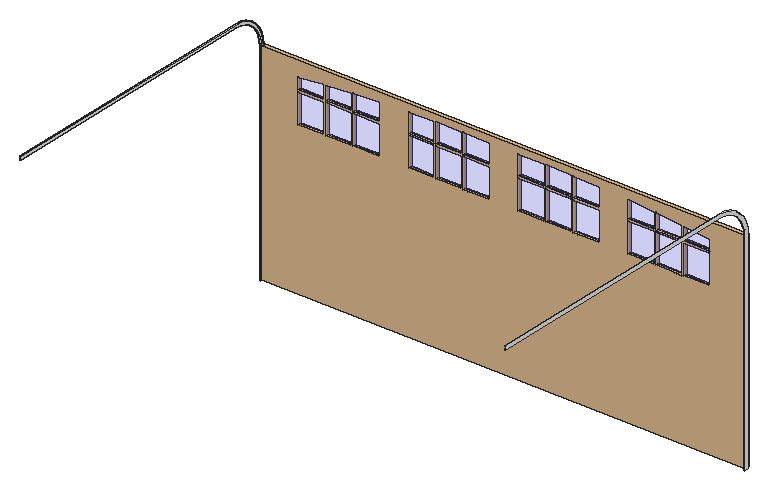
Revit family
Parameters (values of type "7Ft H x 16Ft W")
  Track Width = Width + 0' 2"  # 16' - 2"
  Track Height = Height + 1' 0"  # 8' - 0"
  Track Depth = 10' - 0"
  Track = Metal
  SmartBIM Object Version = 1  # constant formula
  SmartBIM Object Created By = "Reed Construction Data"  # constant formula
  Rough Width = 0' - 0"
  Rough Height = 0' - 0"
  Panel Thickness = 0' - 1 1/2"
  Manufacturer = ""
  Height = 7' - 0"
  Wall Closure = (empty or 0)
  Width = 16' - 0"
  Door Glass = Glass
  Door = Wood
  95 CSI = "08360"  # constant formula
  04 CSI = "08 36 13"  # constant formula
Reference planes (in)
  plane 1 "Center (Front/Back)": y = 0
  plane 2 "Center (Left/Right)": x = 0
  plane 3 "Left": x = -96
  plane 4 "Right": x = 96
  plane 5 "Top": z = 84
  plane 6: x = -97
  plane 7: x = 97
  plane 8: y = -3.25
  plane 9: z = 60.75
  plane 10: z = 30.375
  plane 11: z = 81
  plane 12: y = -2.5
  plane 13: y = -2.5
  plane 14 "Ext": y = -3.25
  plane 15: y = -2.5
  plane 16 "Int": y = -1.75
  plane 17: z = 77
  plane 18: x = 94
  plane 19: x = -94
  plane 20: x = 82.94118
  plane 21: x = 60.82353
  plane 22: x = 27.64706
  plane 23: x = 71.88235
  plane 24: x = 38.70588
  plane 25: x = 5.52941
  plane 26: x = 49.76471
  plane 27: x = 16.58824
  plane 28: z = 73
  plane 29: x = 82.69118
  plane 30: x = 71.63235
  plane 31: x = 60.57353
  plane 32: x = 37.75
  plane 33: x = 38.45588
  plane 34: x = 27.39706
  plane 35: x = 16.33824
  plane 36: x = -5.52941
  plane 37: x = -82.94118
  plane 38: x = -60.82353
  plane 39: x = -27.64706
  plane 40: x = -71.88235
  plane 41: x = -38.70588
  plane 42: x = -49.76471
  plane 43: x = -16.58824
  plane 44: x = -16.83824
  plane 45: x = -27.89706
  plane 46: x = -38.95588
  plane 47: x = -61.07353
  plane 48: x = -72.13235
  plane 49: x = -83.19118
  plane 50: z = 72.75
  plane 51: z = 58.75
  plane 52: z = 31.375
  plane 53: z = 29.375
  plane 54: z = 1
  plane 55: y = -3
  plane 56: x = -47
  plane 57: x = 47
  plane 58: y = -2.5
Forms (in)
  Extrusion 1, solid, material "Wood" <- "Door"
    sketch origin (0, 0, 0) x (1, 0, 0) y (0, 0, 1)
      loop
        line (-97, 84) -> (-97, 0) -> (97, 0) -> (97, 84) -> (-97, 84)
      loop
        line (82.94118, 60.75) -> (82.94118, 77.69564)
        arc (82.94118, 77.69564) -> (66.37311, 79.34885) -> (49.76471, 80.52979) r 584.90259
        line (49.76471, 80.52979) -> (49.76471, 60.75) -> (82.94118, 60.75)
      loop
        arc (38.70588, 81.04577) -> (22.11987, 81.43795) -> (5.52941, 81.35955) r 584.89524
        line (5.52941, 81.35955) -> (5.52941, 60.75) -> (38.70588, 60.75) -> (38.70588, 81.04577)
      loop
        line (-38.70588, 81.14283) -> (-38.70588, 60.75) -> (-5.52941, 60.75) -> (-5.52941, 81.29293)
        arc (-5.52941, 81.29293) -> (-22.11871, 81.45316) -> (-38.70588, 81.14283) r 584.89028
      loop
        line (-82.94118, 60.75) -> (-49.76471, 60.75) -> (-49.76471, 80.67419)
        arc (-49.76471, 80.67419) -> (-66.37193, 79.57581) -> (-82.94118, 78.00534) r 584.89028
        line (-82.94118, 78.00534) -> (-82.94118, 60.75)
    from 1.75 to 3.25
  Extrusion 2, solid, material "Wood" <- "Door"
    sketch origin (0, 0, 0) x (1, 0, 0) y (0, 0, 1)
      loop
        line (82.69118, 77.72413) -> (82.69118, 60.75) -> (83.19118, 60.75) -> (83.19118, 77.66704)
        arc (83.19118, 77.66704) -> (82.94118, 77.69564) -> (82.69118, 77.72413) r 584.90259
      loop
        arc (72.13235, 78.82816) -> (71.88236, 78.85196) -> (71.63235, 78.87565) r 584.90259
        line (71.63235, 78.87565) -> (71.63235, 60.75) -> (72.13235, 60.75) -> (72.13235, 78.82816)
      loop
        line (60.57353, 79.81524) -> (60.57353, 60.75) -> (61.07353, 60.75) -> (61.07353, 79.77732)
        arc (61.07353, 79.77732) -> (60.82353, 79.79633) -> (60.57353, 79.81524) r 584.90259
      loop
        arc (38.95588, 81.12829) -> (38.70588, 81.1378) -> (38.45588, 81.14721) r 584.9872
        line (38.45588, 81.14721) -> (38.45588, 60.75) -> (38.95588, 60.75) -> (38.95588, 81.12829)
      loop
        arc (27.89706, 81.54118) -> (27.64706, 81.54596) -> (27.39706, 81.55063) r 585.08162
        line (27.39706, 81.55063) -> (27.39706, 60.75) -> (27.89706, 60.75) -> (27.89706, 81.54118)
      loop
        line (16.33824, 81.68266) -> (16.33824, 60.75) -> (16.83824, 60.75) -> (16.83824, 81.68266)
        arc (16.83824, 81.68266) -> (16.58824, 81.68272) -> (16.33824, 81.68266) r 585.11385
      loop
        arc (-16.33824, 81.48703) -> (-16.58824, 81.48836) -> (-16.83824, 81.48959) r 584.92719
        line (-16.83824, 81.48959) -> (-16.83824, 60.75) -> (-16.33824, 60.75) -> (-16.33824, 81.48703)
      loop
        arc (-27.39706, 81.41919) -> (-27.64706, 81.4158) -> (-27.89706, 81.4123) r 584.90245
        line (-27.89706, 81.4123) -> (-27.89706, 60.75) -> (-27.39706, 60.75) -> (-27.39706, 81.41919)
      loop
        line (-38.70588, 81.14283) -> (-38.70588, 60.75) -> (-38.20588, 60.75) -> (-38.20588, 81.15907)
        arc (-38.20588, 81.15907) -> (-38.45588, 81.151) -> (-38.70588, 81.14283) r 584.89028
      loop
        arc (-60.57353, 80.01325) -> (-60.82353, 79.99559) -> (-61.07353, 79.97782) r 584.89028
        line (-61.07353, 79.97782) -> (-61.07353, 60.75) -> (-60.57353, 60.75) -> (-60.57353, 80.01325)
      loop
        arc (-71.63235, 79.12873) -> (-71.88236, 79.10629) -> (-72.13235, 79.08375) r 584.89028
        line (-72.13235, 79.08375) -> (-72.13235, 60.75) -> (-71.63235, 60.75) -> (-71.63235, 79.12873)
      loop
        arc (-82.69118, 78.03258) -> (-82.94118, 78.00534) -> (-83.19118, 77.978) r 584.89028
        line (-83.19118, 77.978) -> (-83.19118, 60.75) -> (-82.69118, 60.75) -> (-82.69118, 78.03258)
    from 1.75 to 3.25
  Extrusion 3, solid, material "Wood" <- "Door"
    sketch origin (0, 0, 0.25) x (1, 0, 0) y (0, 0, 1)
      loop
        line (82.94118, 73) -> (49.76471, 73) -> (49.76471, 72.5) -> (82.94118, 72.5) -> (82.94118, 73)
      loop
        line (38.70588, 73) -> (5.52941, 73) -> (5.52941, 72.5) -> (38.70588, 72.5) -> (38.70588, 73)
      loop
        line (-5.52941, 73) -> (-38.70588, 73) -> (-38.70588, 72.5) -> (-5.52941, 72.5) -> (-5.52941, 73)
      loop
        line (-49.76471, 73) -> (-82.94118, 73) -> (-82.94118, 72.5) -> (-49.76471, 72.5) -> (-49.76471, 73)
    from 1.75 to 3.25
  Extrusion 4, solid, material "Glass"
    sketch origin (0, -1.75, 0) x (1, 0, 0) y (0, 0, 1)
      loop
        line (72.13235, 60.75) -> (82.69118, 60.75) -> (82.69118, 72.75) -> (72.13235, 72.75) -> (72.13235, 60.75)
      loop
        line (82.69118, 73.25) -> (82.69118, 77.72413)
        arc (82.69118, 77.72413) -> (77.41427, 78.3001) -> (72.13235, 78.82816) r 584.90259
        line (72.13235, 78.82816) -> (72.13235, 73.25) -> (82.69118, 73.25)
      loop
        line (49.76471, 80.52979) -> (49.76471, 73.25) -> (60.57353, 73.25) -> (60.57353, 79.81524)
        arc (60.57353, 79.81524) -> (55.17077, 80.19754) -> (49.76471, 80.52979) r 584.90259
      loop
        arc (71.63235, 78.87565) -> (66.35498, 79.3504) -> (61.07353, 79.77732) r 584.90259
        line (61.07353, 79.77732) -> (61.07353, 73.25) -> (71.63235, 73.25) -> (71.63235, 78.87565)
      loop
        line (61.07353, 60.75) -> (71.63235, 60.75) -> (71.63235, 72.75) -> (61.07353, 72.75) -> (61.07353, 60.75)
      loop
        line (49.76471, 72.75) -> (49.76471, 60.75) -> (60.57353, 60.75) -> (60.57353, 72.75) -> (49.76471, 72.75)
      loop
        line (27.39706, 72.75) -> (16.83824, 72.75) -> (16.83824, 60.75) -> (27.39706, 60.75) -> (27.39706, 72.75)
      loop
        line (16.33824, 60.75) -> (16.33824, 72.75) -> (5.52941, 72.75) -> (5.52941, 60.75) -> (16.33824, 60.75)
      loop
        line (5.52941, 73.25) -> (16.33824, 73.25) -> (16.33824, 81.46406)
        arc (16.33824, 81.46406) -> (10.93358, 81.43677) -> (5.52941, 81.35955) r 584.89524
        line (5.52941, 81.35955) -> (5.52941, 73.25)
      loop
        line (16.83824, 81.46406) -> (16.83824, 73.25) -> (27.39706, 73.25) -> (27.39706, 81.36423)
        arc (27.39706, 81.36423) -> (22.11787, 81.43797) -> (16.83824, 81.46406) r 584.89524
      loop
        line (27.89706, 81.35477) -> (27.89706, 73.25) -> (38.45588, 73.25) -> (38.45588, 81.05518)
        arc (38.45588, 81.05518) -> (33.17715, 81.22881) -> (27.89706, 81.35477) r 584.89524
      loop
        line (38.45588, 60.75) -> (38.45588, 72.75) -> (27.89706, 72.75) -> (27.89706, 60.75) -> (38.45588, 60.75)
      loop
        line (-16.33824, 73.25) -> (-5.52941, 73.25) -> (-5.52941, 81.29293)
        arc (-5.52941, 81.29293) -> (-10.93346, 81.39681) -> (-16.33824, 81.45075) r 584.89028
        line (-16.33824, 81.45075) -> (-16.33824, 73.25)
      loop
        line (-5.52941, 72.75) -> (-16.33824, 72.75) -> (-16.33824, 60.75) -> (-5.52941, 60.75) -> (-5.52941, 72.75)
      loop
        line (-16.83824, 60.75) -> (-16.83824, 72.75) -> (-27.39706, 72.75) -> (-27.39706, 60.75) -> (-16.83824, 60.75)
      loop
        line (-27.89706, 60.75) -> (-27.89706, 72.75) -> (-38.20588, 72.75) -> (-38.20588, 60.75) -> (-27.89706, 60.75)
      loop
        line (-38.20588, 81.15907) -> (-38.20588, 73.25) -> (-27.89706, 73.25) -> (-27.89706, 81.39847)
        arc (-27.89706, 81.39847) -> (-33.052, 81.30149) -> (-38.20588, 81.15907) r 584.89028
      loop
        line (-27.39706, 81.40546) -> (-27.39706, 73.25) -> (-16.83824, 73.25) -> (-16.83824, 81.45322)
        arc (-16.83824, 81.45322) -> (-22.11775, 81.45317) -> (-27.39706, 81.40546) r 584.89028
      loop
        line (-60.57353, 73.25) -> (-49.76471, 73.25) -> (-49.76471, 80.67419)
        arc (-49.76471, 80.67419) -> (-55.17065, 80.36874) -> (-60.57353, 80.01325) r 584.89028
        line (-60.57353, 80.01325) -> (-60.57353, 73.25)
      loop
        line (-49.76471, 72.75) -> (-60.57353, 72.75) -> (-60.57353, 60.75) -> (-49.76471, 60.75) -> (-49.76471, 72.75)
      loop
        line (-61.07353, 60.75) -> (-61.07353, 72.75) -> (-71.63235, 72.75) -> (-71.63235, 60.75) -> (-61.07353, 60.75)
      loop
        line (-72.13235, 60.75) -> (-72.13235, 72.75) -> (-82.69118, 72.75) -> (-82.69118, 60.75) -> (-72.13235, 60.75)
      loop
        line (-82.69118, 78.03258) -> (-82.69118, 73.25) -> (-72.13235, 73.25) -> (-72.13235, 79.08375)
        arc (-72.13235, 79.08375) -> (-77.41415, 78.58211) -> (-82.69118, 78.03258) r 584.89028
      loop
        line (-71.63235, 79.12873) -> (-71.63235, 73.25) -> (-61.07353, 73.25) -> (-61.07353, 79.97782)
        arc (-61.07353, 79.97782) -> (-66.35486, 79.57718) -> (-71.63235, 79.12873) r 584.89028
    from 0.625 to 0.875
Cuts and joins
  joined: Extrusion 1, Extrusion 2, Extrusion 3
Lines and regions (in)
  Opening 1
    outline origin (-90, -1.75, 0) x (1, 0, 0) y (0, 0, 1)
      loop
        line (-6, 0) -> (186, 0) -> (186, 84) -> (-6, 84) -> (-6, 0)
  model lines
    curve 1: line (83.19118, -3.25, 31.375) -> (83.19118, -3.25, 58.75)
    curve 2: line (61.07353, -3.25, 31.375) -> (71.63235, -3.25, 31.375)
    curve 3: line (61.07353, -3.25, 58.75) -> (61.07353, -3.25, 31.375)
    curve 4: line (71.63235, -3.25, 58.75) -> (61.07353, -3.25, 58.75)
    curve 5: line (71.63235, -3.25, 31.375) -> (71.63235, -3.25, 58.75)
    curve 6: line (72.13235, -3.25, 31.375) -> (82.69118, -3.25, 31.375)
    curve 7: line (72.13235, -3.25, 58.75) -> (72.13235, -3.25, 31.375)
    curve 8: line (82.69118, -3.25, 58.75) -> (72.13235, -3.25, 58.75)
    curve 9: line (82.69118, -3.25, 31.375) -> (82.69118, -3.25, 58.75)
    curve 10: line (5.52941, -3.25, 58.75) -> (16.33824, -3.25, 58.75)
    curve 11: line (5.52941, -3.25, 31.375) -> (5.52941, -3.25, 58.75)
    curve 12: line (16.33824, -3.25, 31.375) -> (5.52941, -3.25, 31.375)
    curve 13: line (16.33824, -3.25, 58.75) -> (16.33824, -3.25, 31.375)
    curve 14: line (16.83824, -3.25, 31.375) -> (27.39706, -3.25, 31.375)
    curve 15: line (16.83824, -3.25, 58.75) -> (16.83824, -3.25, 31.375)
    curve 16: line (27.39706, -3.25, 58.75) -> (16.83824, -3.25, 58.75)
    curve 17: line (27.39706, -3.25, 31.375) -> (27.39706, -3.25, 58.75)
    curve 18: line (27.89706, -3.25, 31.375) -> (38.45588, -3.25, 31.375)
    curve 19: line (27.89706, -3.25, 58.75) -> (27.89706, -3.25, 31.375)
    curve 20: line (38.45588, -3.25, 58.75) -> (27.89706, -3.25, 58.75)
    curve 21: line (38.45588, -3.25, 31.375) -> (38.45588, -3.25, 58.75)
    curve 22: line (38.95588, -3.25, 58.75) -> (38.95588, -3.25, 31.375)
    curve 23: line (49.76471, -3.25, 58.75) -> (60.57353, -3.25, 58.75)
    curve 24: line (49.76471, -3.25, 31.375) -> (49.76471, -3.25, 58.75)
    curve 25: line (60.57353, -3.25, 31.375) -> (49.76471, -3.25, 31.375)
    curve 26: line (60.57353, -3.25, 58.75) -> (60.57353, -3.25, 31.375)
    curve 27: line (82.19118, -3.25, 58.25) -> (72.63235, -3.25, 58.25)
    curve 28: line (72.63235, -3.25, 58.25) -> (72.63235, -3.25, 31.875)
    curve 29: line (72.63235, -3.25, 31.875) -> (82.19118, -3.25, 31.875)
    curve 30: line (82.19118, -3.25, 31.875) -> (82.19118, -3.25, 58.25)
    curve 31: line (26.89706, -3.25, 58.25) -> (17.33824, -3.25, 58.25)
    curve 32: line (17.33824, -3.25, 58.25) -> (17.33824, -3.25, 31.875)
    curve 33: line (17.33824, -3.25, 31.875) -> (26.89706, -3.25, 31.875)
    curve 34: line (26.89706, -3.25, 31.875) -> (26.89706, -3.25, 58.25)
    curve 35: line (37.95588, -3.25, 58.25) -> (28.39706, -3.25, 58.25)
    curve 36: line (28.39706, -3.25, 58.25) -> (28.39706, -3.25, 31.875)
    curve 37: line (28.39706, -3.25, 31.875) -> (37.95588, -3.25, 31.875)
    curve 38: line (37.95588, -3.25, 31.875) -> (37.95588, -3.25, 58.25)
    curve 39: line (6.02941, -3.25, 58.25) -> (15.83824, -3.25, 58.25)
    curve 40: line (15.83824, -3.25, 58.25) -> (15.83824, -3.25, 31.875)
    curve 41: line (15.83824, -3.25, 31.875) -> (6.02941, -3.25, 31.875)
    curve 42: line (6.02941, -3.25, 31.875) -> (6.02941, -3.25, 58.25)
    curve 43: line (50.26471, -3.25, 58.25) -> (60.07353, -3.25, 58.25)
    curve 44: line (60.07353, -3.25, 58.25) -> (60.07353, -3.25, 31.875)
    curve 45: line (60.07353, -3.25, 31.875) -> (50.26471, -3.25, 31.875)
    curve 46: line (50.26471, -3.25, 31.875) -> (50.26471, -3.25, 58.25)
    curve 47: line (71.13235, -3.25, 58.25) -> (61.57353, -3.25, 58.25)
    curve 48: line (61.57353, -3.25, 58.25) -> (61.57353, -3.25, 31.875)
    curve 49: line (61.57353, -3.25, 31.875) -> (71.13235, -3.25, 31.875)
    curve 50: line (71.13235, -3.25, 31.875) -> (71.13235, -3.25, 58.25)
    curve 51: line (-72.13235, -3.25, 58.75) -> (-82.69118, -3.25, 58.75)
    curve 52: line (-72.13235, -3.25, 31.375) -> (-72.13235, -3.25, 58.75)
    curve 53: line (-82.69118, -3.25, 31.375) -> (-72.13235, -3.25, 31.375)
    curve 54: line (-82.69118, -3.25, 58.75) -> (-82.69118, -3.25, 31.375)
    curve 55: line (-61.07353, -3.25, 58.75) -> (-71.63235, -3.25, 58.75)
    curve 56: line (-61.07353, -3.25, 31.375) -> (-61.07353, -3.25, 58.75)
    curve 57: line (-71.63235, -3.25, 31.375) -> (-61.07353, -3.25, 31.375)
    curve 58: line (-71.63235, -3.25, 58.75) -> (-71.63235, -3.25, 31.375)
    curve 59: line (-49.76471, -3.25, 58.75) -> (-60.57353, -3.25, 58.75)
    curve 60: line (-49.76471, -3.25, 31.375) -> (-49.76471, -3.25, 58.75)
    curve 61: line (-60.57353, -3.25, 31.375) -> (-49.76471, -3.25, 31.375)
    curve 62: line (-60.57353, -3.25, 58.75) -> (-60.57353, -3.25, 31.375)
    curve 63: line (-27.89706, -3.25, 58.75) -> (-38.45588, -3.25, 58.75)
    curve 64: line (-27.89706, -3.25, 31.375) -> (-27.89706, -3.25, 58.75)
    curve 65: line (-38.45588, -3.25, 31.375) -> (-27.89706, -3.25, 31.375)
    curve 66: line (-38.45588, -3.25, 58.75) -> (-38.45588, -3.25, 31.375)
    curve 67: line (-27.39706, -3.25, 58.75) -> (-16.83824, -3.25, 58.75)
    curve 68: line (-27.39706, -3.25, 31.375) -> (-27.39706, -3.25, 58.75)
    curve 69: line (-16.83824, -3.25, 31.375) -> (-27.39706, -3.25, 31.375)
    curve 70: line (-16.83824, -3.25, 58.75) -> (-16.83824, -3.25, 31.375)
    curve 71: line (-16.33824, -3.25, 58.75) -> (-5.52941, -3.25, 58.75)
    curve 72: line (-16.33824, -3.25, 31.375) -> (-16.33824, -3.25, 58.75)
    curve 73: line (-5.52941, -3.25, 31.375) -> (-16.33824, -3.25, 31.375)
    curve 74: line (-5.52941, -3.25, 58.75) -> (-5.52941, -3.25, 31.375)
    curve 75: line (-15.83824, -3.25, 58.25) -> (-6.02941, -3.25, 58.25)
    curve 76: line (-6.02941, -3.25, 58.25) -> (-6.02941, -3.25, 31.875)
    curve 77: line (-6.02941, -3.25, 31.875) -> (-15.83824, -3.25, 31.875)
    curve 78: line (-26.89706, -3.25, 58.25) -> (-17.33824, -3.25, 58.25)
    curve 79: line (-17.33824, -3.25, 58.25) -> (-17.33824, -3.25, 31.875)
    curve 80: line (-17.33824, -3.25, 31.875) -> (-26.89706, -3.25, 31.875)
    curve 81: line (-26.89706, -3.25, 31.875) -> (-26.89706, -3.25, 58.25)
    curve 82: line (-28.39706, -3.25, 58.25) -> (-37.95588, -3.25, 58.25)
    curve 83: line (-37.95588, -3.25, 58.25) -> (-37.95588, -3.25, 31.875)
    curve 84: line (-37.95588, -3.25, 31.875) -> (-28.39706, -3.25, 31.875)
    curve 85: line (-28.39706, -3.25, 31.875) -> (-28.39706, -3.25, 58.25)
    curve 86: line (-50.26471, -3.25, 58.25) -> (-60.07353, -3.25, 58.25)
    curve 87: line (-60.07353, -3.25, 58.25) -> (-60.07353, -3.25, 31.875)
    curve 88: line (-60.07353, -3.25, 31.875) -> (-50.26471, -3.25, 31.875)
    curve 89: line (-50.26471, -3.25, 31.875) -> (-50.26471, -3.25, 58.25)
    curve 90: line (-61.57353, -3.25, 58.25) -> (-71.13235, -3.25, 58.25)
    curve 91: line (-71.13235, -3.25, 58.25) -> (-71.13235, -3.25, 31.875)
    curve 92: line (-71.13235, -3.25, 31.875) -> (-61.57353, -3.25, 31.875)
    curve 93: line (-61.57353, -3.25, 31.875) -> (-61.57353, -3.25, 58.25)
    curve 94: line (-72.63235, -3.25, 58.25) -> (-82.19118, -3.25, 58.25)
    curve 95: line (-82.19118, -3.25, 58.25) -> (-82.19118, -3.25, 31.875)
    curve 96: line (-82.19118, -3.25, 31.875) -> (-72.63235, -3.25, 31.875)
    curve 97: line (-72.63235, -3.25, 31.875) -> (-72.63235, -3.25, 58.25)
    curve 98: line (83.19118, -3.25, 1) -> (83.19118, -3.25, 29.375)
    curve 99: line (61.07353, -3.25, 1) -> (71.63235, -3.25, 1)
    curve 100: line (61.07353, -3.25, 29.375) -> (61.07353, -3.25, 1)
    curve 101: line (71.63235, -3.25, 29.375) -> (61.07353, -3.25, 29.375)
    curve 102: line (71.63235, -3.25, 1) -> (71.63235, -3.25, 29.375)
    curve 103: line (72.13235, -3.25, 1) -> (82.69118, -3.25, 1)
    curve 104: line (72.13235, -3.25, 29.375) -> (72.13235, -3.25, 1)
    curve 105: line (82.69118, -3.25, 29.375) -> (72.13235, -3.25, 29.375)
    curve 106: line (82.69118, -3.25, 1) -> (82.69118, -3.25, 29.375)
    curve 107: line (5.52941, -3.25, 29.375) -> (16.33824, -3.25, 29.375)
    curve 108: line (5.52941, -3.25, 1) -> (5.52941, -3.25, 29.375)
    curve 109: line (16.33824, -3.25, 1) -> (5.52941, -3.25, 1)
    curve 110: line (16.33824, -3.25, 29.375) -> (16.33824, -3.25, 1)
    curve 111: line (16.83824, -3.25, 1) -> (27.39706, -3.25, 1)
    curve 112: line (16.83824, -3.25, 29.375) -> (16.83824, -3.25, 1)
    curve 113: line (27.39706, -3.25, 29.375) -> (16.83824, -3.25, 29.375)
    curve 114: line (27.39706, -3.25, 1) -> (27.39706, -3.25, 29.375)
    curve 115: line (27.89706, -3.25, 1) -> (38.45588, -3.25, 1)
    curve 116: line (27.89706, -3.25, 29.375) -> (27.89706, -3.25, 1)
    curve 117: line (38.45588, -3.25, 29.375) -> (27.89706, -3.25, 29.375)
    curve 118: line (38.45588, -3.25, 1) -> (38.45588, -3.25, 29.375)
    curve 119: line (38.95588, -3.25, 29.375) -> (38.95588, -3.25, 1)
    curve 120: line (49.76471, -3.25, 29.375) -> (60.57353, -3.25, 29.375)
    curve 121: line (49.76471, -3.25, 1) -> (49.76471, -3.25, 29.375)
    curve 122: line (60.57353, -3.25, 1) -> (49.76471, -3.25, 1)
    curve 123: line (60.57353, -3.25, 29.375) -> (60.57353, -3.25, 1)
    curve 124: line (82.19118, -3.25, 28.875) -> (72.63235, -3.25, 28.875)
    curve 125: line (72.63235, -3.25, 28.875) -> (72.63235, -3.25, 1.5)
    curve 126: line (72.63235, -3.25, 1.5) -> (82.19118, -3.25, 1.5)
    curve 127: line (82.19118, -3.25, 1.5) -> (82.19118, -3.25, 28.875)
    curve 128: line (26.89706, -3.25, 28.875) -> (17.33824, -3.25, 28.875)
    curve 129: line (17.33824, -3.25, 28.875) -> (17.33824, -3.25, 1.5)
    curve 130: line (17.33824, -3.25, 1.5) -> (26.89706, -3.25, 1.5)
    curve 131: line (26.89706, -3.25, 1.5) -> (26.89706, -3.25, 28.875)
    curve 132: line (37.95588, -3.25, 28.875) -> (28.39706, -3.25, 28.875)
    curve 133: line (28.39706, -3.25, 28.875) -> (28.39706, -3.25, 1.5)
    curve 134: line (28.39706, -3.25, 1.5) -> (37.95588, -3.25, 1.5)
    curve 135: line (37.95588, -3.25, 1.5) -> (37.95588, -3.25, 28.875)
    curve 136: line (6.02941, -3.25, 28.875) -> (15.83824, -3.25, 28.875)
    curve 137: line (15.83824, -3.25, 28.875) -> (15.83824, -3.25, 1.5)
    curve 138: line (15.83824, -3.25, 1.5) -> (6.02941, -3.25, 1.5)
    curve 139: line (6.02941, -3.25, 1.5) -> (6.02941, -3.25, 28.875)
    curve 140: line (50.26471, -3.25, 28.875) -> (60.07353, -3.25, 28.875)
    curve 141: line (60.07353, -3.25, 28.875) -> (60.07353, -3.25, 1.5)
    curve 142: line (60.07353, -3.25, 1.5) -> (50.26471, -3.25, 1.5)
    curve 143: line (50.26471, -3.25, 1.5) -> (50.26471, -3.25, 28.875)
    curve 144: line (71.13235, -3.25, 28.875) -> (61.57353, -3.25, 28.875)
    curve 145: line (61.57353, -3.25, 28.875) -> (61.57353, -3.25, 1.5)
    curve 146: line (61.57353, -3.25, 1.5) -> (71.13235, -3.25, 1.5)
    curve 147: line (71.13235, -3.25, 1.5) -> (71.13235, -3.25, 28.875)
    curve 148: line (-72.13235, -3.25, 29.375) -> (-82.69118, -3.25, 29.375)
    curve 149: line (-72.13235, -3.25, 1) -> (-72.13235, -3.25, 29.375)
    curve 150: line (-82.69118, -3.25, 1) -> (-72.13235, -3.25, 1)
    curve 151: line (-82.69118, -3.25, 29.375) -> (-82.69118, -3.25, 1)
    curve 152: line (-61.07353, -3.25, 29.375) -> (-71.63235, -3.25, 29.375)
    curve 153: line (-61.07353, -3.25, 1) -> (-61.07353, -3.25, 29.375)
    curve 154: line (-71.63235, -3.25, 1) -> (-61.07353, -3.25, 1)
    curve 155: line (-71.63235, -3.25, 29.375) -> (-71.63235, -3.25, 1)
    curve 156: line (-49.76471, -3.25, 29.375) -> (-60.57353, -3.25, 29.375)
    curve 157: line (-49.76471, -3.25, 1) -> (-49.76471, -3.25, 29.375)
    curve 158: line (-60.57353, -3.25, 1) -> (-49.76471, -3.25, 1)
    curve 159: line (-60.57353, -3.25, 29.375) -> (-60.57353, -3.25, 1)
    curve 160: line (-27.89706, -3.25, 29.375) -> (-38.45588, -3.25, 29.375)
    curve 161: line (-27.89706, -3.25, 1) -> (-27.89706, -3.25, 29.375)
    curve 162: line (-38.45588, -3.25, 1) -> (-27.89706, -3.25, 1)
    curve 163: line (-38.45588, -3.25, 29.375) -> (-38.45588, -3.25, 1)
    curve 164: line (-27.39706, -3.25, 29.375) -> (-16.83824, -3.25, 29.375)
    curve 165: line (-27.39706, -3.25, 1) -> (-27.39706, -3.25, 29.375)
    curve 166: line (-16.83824, -3.25, 1) -> (-27.39706, -3.25, 1)
    curve 167: line (-16.83824, -3.25, 29.375) -> (-16.83824, -3.25, 1)
    curve 168: line (-16.33824, -3.25, 29.375) -> (-5.52941, -3.25, 29.375)
    curve 169: line (-16.33824, -3.25, 1) -> (-16.33824, -3.25, 29.375)
    curve 170: line (-5.52941, -3.25, 1) -> (-16.33824, -3.25, 1)
    curve 171: line (-5.52941, -3.25, 29.375) -> (-5.52941, -3.25, 1)
    curve 172: line (-15.83824, -3.25, 28.875) -> (-6.02941, -3.25, 28.875)
    curve 173: line (-6.02941, -3.25, 28.875) -> (-6.02941, -3.25, 1.5)
    curve 174: line (-6.02941, -3.25, 1.5) -> (-15.83824, -3.25, 1.5)
    curve 175: line (-15.83824, -3.25, 1.5) -> (-15.83824, -3.25, 28.875)
    curve 176: line (-26.89706, -3.25, 28.875) -> (-17.33824, -3.25, 28.875)
    curve 177: line (-17.33824, -3.25, 28.875) -> (-17.33824, -3.25, 1.5)
    curve 178: line (-17.33824, -3.25, 1.5) -> (-26.89706, -3.25, 1.5)
    curve 179: line (-26.89706, -3.25, 1.5) -> (-26.89706, -3.25, 28.875)
    curve 180: line (-28.39706, -3.25, 28.875) -> (-37.95588, -3.25, 28.875)
    curve 181: line (-37.95588, -3.25, 28.875) -> (-37.95588, -3.25, 1.5)
    curve 182: line (-37.95588, -3.25, 1.5) -> (-28.39706, -3.25, 1.5)
    curve 183: line (-28.39706, -3.25, 1.5) -> (-28.39706, -3.25, 28.875)
    curve 184: line (-50.26471, -3.25, 28.875) -> (-60.07353, -3.25, 28.875)
    curve 185: line (-60.07353, -3.25, 28.875) -> (-60.07353, -3.25, 1.5)
    curve 186: line (-60.07353, -3.25, 1.5) -> (-50.26471, -3.25, 1.5)
    curve 187: line (-50.26471, -3.25, 1.5) -> (-50.26471, -3.25, 28.875)
    curve 188: line (-61.57353, -3.25, 28.875) -> (-71.13235, -3.25, 28.875)
    curve 189: line (-71.13235, -3.25, 28.875) -> (-71.13235, -3.25, 1.5)
    curve 190: line (-71.13235, -3.25, 1.5) -> (-61.57353, -3.25, 1.5)
    curve 191: line (-61.57353, -3.25, 1.5) -> (-61.57353, -3.25, 28.875)
    curve 192: line (-72.63235, -3.25, 28.875) -> (-82.19118, -3.25, 28.875)
    curve 193: line (-82.19118, -3.25, 28.875) -> (-82.19118, -3.25, 1.5)
    curve 194: line (-82.19118, -3.25, 1.5) -> (-72.63235, -3.25, 1.5)
    curve 195: line (-72.63235, -3.25, 1.5) -> (-72.63235, -3.25, 28.875)
    curve 196: line (-15.83824, -3.25, 31.875) -> (-15.83824, -3.25, 58.25)
    curve 197: line (82.69118, -1.75, 58.75) -> (72.13235, -1.75, 58.75)
    curve 198: line (72.13235, -1.75, 58.75) -> (72.13235, -1.75, 31.375)
    curve 199: line (72.13235, -1.75, 31.375) -> (82.69118, -1.75, 31.375)
    curve 200: line (82.69118, -1.75, 31.375) -> (82.69118, -1.75, 58.75)
    curve 201: line (82.19118, -1.75, 58.25) -> (72.63235, -1.75, 58.25)
    curve 202: line (72.63235, -1.75, 58.25) -> (72.63235, -1.75, 31.875)
    curve 203: line (72.63235, -1.75, 31.875) -> (82.19118, -1.75, 31.875)
    curve 204: line (82.19118, -1.75, 31.875) -> (82.19118, -1.75, 58.25)
    curve 205: line (71.13235, -1.75, 58.25) -> (61.57353, -1.75, 58.25)
    curve 206: line (61.57353, -1.75, 58.25) -> (61.57353, -1.75, 31.875)
    curve 207: line (61.57353, -1.75, 31.875) -> (71.13235, -1.75, 31.875)
    curve 208: line (71.13235, -1.75, 31.875) -> (71.13235, -1.75, 58.25)
    curve 209: line (71.63235, -1.75, 58.75) -> (61.07353, -1.75, 58.75)
    curve 210: line (61.07353, -1.75, 58.75) -> (61.07353, -1.75, 31.375)
    curve 211: line (61.07353, -1.75, 31.375) -> (71.63235, -1.75, 31.375)
    curve 212: line (71.63235, -1.75, 31.375) -> (71.63235, -1.75, 58.75)
    curve 213: line (49.76471, -1.75, 58.75) -> (60.57353, -1.75, 58.75)
    curve 214: line (60.57353, -1.75, 58.75) -> (60.57353, -1.75, 31.375)
    curve 215: line (60.57353, -1.75, 31.375) -> (49.76471, -1.75, 31.375)
    curve 216: line (49.76471, -1.75, 31.375) -> (49.76471, -1.75, 58.75)
    curve 217: line (50.26471, -1.75, 58.25) -> (60.07353, -1.75, 58.25)
    curve 218: line (60.07353, -1.75, 58.25) -> (60.07353, -1.75, 31.875)
    curve 219: line (60.07353, -1.75, 31.875) -> (50.26471, -1.75, 31.875)
    curve 220: line (50.26471, -1.75, 31.875) -> (50.26471, -1.75, 58.25)
    curve 221: line (38.45588, -1.75, 58.75) -> (27.89706, -1.75, 58.75)
    curve 222: line (27.89706, -1.75, 58.75) -> (27.89706, -1.75, 31.375)
    curve 223: line (27.89706, -1.75, 31.375) -> (38.45588, -1.75, 31.375)
    curve 224: line (38.45588, -1.75, 31.375) -> (38.45588, -1.75, 58.75)
    curve 225: line (37.95588, -1.75, 58.25) -> (28.39706, -1.75, 58.25)
    curve 226: line (28.39706, -1.75, 58.25) -> (28.39706, -1.75, 31.875)
    curve 227: line (28.39706, -1.75, 31.875) -> (37.95588, -1.75, 31.875)
    curve 228: line (37.95588, -1.75, 31.875) -> (37.95588, -1.75, 58.25)
    curve 229: line (27.39706, -1.75, 58.75) -> (16.83824, -1.75, 58.75)
    curve 230: line (16.83824, -1.75, 58.75) -> (16.83824, -1.75, 31.375)
    curve 231: line (16.83824, -1.75, 31.375) -> (27.39706, -1.75, 31.375)
    curve 232: line (27.39706, -1.75, 31.375) -> (27.39706, -1.75, 58.75)
    curve 233: line (26.89706, -1.75, 58.25) -> (17.33824, -1.75, 58.25)
    curve 234: line (17.33824, -1.75, 58.25) -> (17.33824, -1.75, 31.875)
    curve 235: line (17.33824, -1.75, 31.875) -> (26.89706, -1.75, 31.875)
    curve 236: line (26.89706, -1.75, 31.875) -> (26.89706, -1.75, 58.25)
    curve 237: line (5.52941, -1.75, 58.75) -> (16.33824, -1.75, 58.75)
    curve 238: line (16.33824, -1.75, 58.75) -> (16.33824, -1.75, 31.375)
    curve 239: line (16.33824, -1.75, 31.375) -> (5.52941, -1.75, 31.375)
    curve 240: line (5.52941, -1.75, 31.375) -> (5.52941, -1.75, 58.75)
    curve 241: line (6.02941, -1.75, 58.25) -> (15.83824, -1.75, 58.25)
    curve 242: line (15.83824, -1.75, 58.25) -> (15.83824, -1.75, 31.875)
    curve 243: line (15.83824, -1.75, 31.875) -> (6.02941, -1.75, 31.875)
    curve 244: line (6.02941, -1.75, 31.875) -> (6.02941, -1.75, 58.25)
    curve 245: line (-16.33824, -1.75, 58.75) -> (-5.52941, -1.75, 58.75)
    curve 246: line (-5.52941, -1.75, 58.75) -> (-5.52941, -1.75, 31.375)
    curve 247: line (-5.52941, -1.75, 31.375) -> (-16.33824, -1.75, 31.375)
    curve 248: line (-16.33824, -1.75, 31.375) -> (-16.33824, -1.75, 58.75)
    curve 249: line (-15.83824, -1.75, 58.25) -> (-6.02941, -1.75, 58.25)
    curve 250: line (-6.02941, -1.75, 58.25) -> (-6.02941, -1.75, 31.875)
    curve 251: line (-6.02941, -1.75, 31.875) -> (-15.83824, -1.75, 31.875)
    curve 252: line (-15.83824, -1.75, 31.875) -> (-15.83824, -1.75, 58.25)
    curve 253: line (-27.39706, -1.75, 58.75) -> (-16.83824, -1.75, 58.75)
    curve 254: line (-16.83824, -1.75, 58.75) -> (-16.83824, -1.75, 31.375)
    curve 255: line (-16.83824, -1.75, 31.375) -> (-27.39706, -1.75, 31.375)
    curve 256: line (-27.39706, -1.75, 31.375) -> (-27.39706, -1.75, 58.75)
    curve 257: line (-26.89706, -1.75, 58.25) -> (-17.33824, -1.75, 58.25)
    curve 258: line (-17.33824, -1.75, 58.25) -> (-17.33824, -1.75, 31.875)
    curve 259: line (-17.33824, -1.75, 31.875) -> (-26.89706, -1.75, 31.875)
    curve 260: line (-26.89706, -1.75, 31.875) -> (-26.89706, -1.75, 58.25)
    curve 261: line (-27.89706, -1.75, 58.75) -> (-38.45588, -1.75, 58.75)
    curve 262: line (-38.45588, -1.75, 58.75) -> (-38.45588, -1.75, 31.375)
    curve 263: line (-38.45588, -1.75, 31.375) -> (-27.89706, -1.75, 31.375)
    curve 264: line (-27.89706, -1.75, 31.375) -> (-27.89706, -1.75, 58.75)
    curve 265: line (-28.39706, -1.75, 58.25) -> (-37.95588, -1.75, 58.25)
    curve 266: line (-37.95588, -1.75, 58.25) -> (-37.95588, -1.75, 31.875)
    curve 267: line (-37.95588, -1.75, 31.875) -> (-28.39706, -1.75, 31.875)
    curve 268: line (-28.39706, -1.75, 31.875) -> (-28.39706, -1.75, 58.25)
    curve 269: line (-49.76471, -1.75, 58.75) -> (-60.57353, -1.75, 58.75)
    curve 270: line (-60.57353, -1.75, 58.75) -> (-60.57353, -1.75, 31.375)
    curve 271: line (-60.57353, -1.75, 31.375) -> (-49.76471, -1.75, 31.375)
    curve 272: line (-49.76471, -1.75, 31.375) -> (-49.76471, -1.75, 58.75)
    curve 273: line (-50.26471, -1.75, 58.25) -> (-60.07353, -1.75, 58.25)
    curve 274: line (-60.07353, -1.75, 58.25) -> (-60.07353, -1.75, 31.875)
    curve 275: line (-60.07353, -1.75, 31.875) -> (-50.26471, -1.75, 31.875)
    curve 276: line (-50.26471, -1.75, 31.875) -> (-50.26471, -1.75, 58.25)
    curve 277: line (-61.07353, -1.75, 58.75) -> (-71.63235, -1.75, 58.75)
    curve 278: line (-71.63235, -1.75, 58.75) -> (-71.63235, -1.75, 31.375)
    curve 279: line (-71.63235, -1.75, 31.375) -> (-61.07353, -1.75, 31.375)
    curve 280: line (-61.07353, -1.75, 31.375) -> (-61.07353, -1.75, 58.75)
    curve 281: line (-61.57353, -1.75, 58.25) -> (-71.13235, -1.75, 58.25)
    curve 282: line (-71.13235, -1.75, 58.25) -> (-71.13235, -1.75, 31.875)
    curve 283: line (-71.13235, -1.75, 31.875) -> (-61.57353, -1.75, 31.875)
    curve 284: line (-61.57353, -1.75, 31.875) -> (-61.57353, -1.75, 58.25)
    curve 285: line (-72.63235, -1.75, 58.25) -> (-82.19118, -1.75, 58.25)
    curve 286: line (-82.19118, -1.75, 58.25) -> (-82.19118, -1.75, 31.875)
    curve 287: line (-82.19118, -1.75, 31.875) -> (-72.63235, -1.75, 31.875)
    curve 288: line (-72.63235, -1.75, 31.875) -> (-72.63235, -1.75, 58.25)
    curve 289: line (82.69118, -1.75, 29.375) -> (72.13235, -1.75, 29.375)
    curve 290: line (72.13235, -1.75, 29.375) -> (72.13235, -1.75, 1)
    curve 291: line (72.13235, -1.75, 1) -> (82.69118, -1.75, 1)
    curve 292: line (82.69118, -1.75, 1) -> (82.69118, -1.75, 29.375)
    curve 293: line (82.19118, -1.75, 28.875) -> (72.63235, -1.75, 28.875)
    curve 294: line (72.63235, -1.75, 28.875) -> (72.63235, -1.75, 1.5)
    curve 295: line (72.63235, -1.75, 1.5) -> (82.19118, -1.75, 1.5)
    curve 296: line (82.19118, -1.75, 1.5) -> (82.19118, -1.75, 28.875)
    curve 297: line (71.13235, -1.75, 28.875) -> (61.57353, -1.75, 28.875)
    curve 298: line (61.57353, -1.75, 28.875) -> (61.57353, -1.75, 1.5)
    curve 299: line (61.57353, -1.75, 1.5) -> (71.13235, -1.75, 1.5)
    curve 300: line (71.13235, -1.75, 1.5) -> (71.13235, -1.75, 28.875)
    curve 301: line (49.76471, -1.75, 29.375) -> (60.57353, -1.75, 29.375)
    curve 302: line (60.57353, -1.75, 29.375) -> (60.57353, -1.75, 1)
    curve 303: line (60.57353, -1.75, 1) -> (49.76471, -1.75, 1)
    curve 304: line (49.76471, -1.75, 1) -> (49.76471, -1.75, 29.375)
    curve 305: line (50.26471, -1.75, 28.875) -> (60.07353, -1.75, 28.875)
    curve 306: line (60.07353, -1.75, 28.875) -> (60.07353, -1.75, 1.5)
    curve 307: line (60.07353, -1.75, 1.5) -> (50.26471, -1.75, 1.5)
    curve 308: line (50.26471, -1.75, 1.5) -> (50.26471, -1.75, 28.875)
    curve 309: line (38.45588, -1.75, 29.375) -> (27.89706, -1.75, 29.375)
    curve 310: line (27.89706, -1.75, 29.375) -> (27.89706, -1.75, 1)
    curve 311: line (27.89706, -1.75, 1) -> (38.45588, -1.75, 1)
    curve 312: line (38.45588, -1.75, 1) -> (38.45588, -1.75, 29.375)
    curve 313: line (37.95588, -1.75, 28.875) -> (28.39706, -1.75, 28.875)
    curve 314: line (28.39706, -1.75, 28.875) -> (28.39706, -1.75, 1.5)
    curve 315: line (28.39706, -1.75, 1.5) -> (37.95588, -1.75, 1.5)
    curve 316: line (37.95588, -1.75, 1.5) -> (37.95588, -1.75, 28.875)
    curve 317: line (26.89706, -1.75, 28.875) -> (17.33824, -1.75, 28.875)
    curve 318: line (17.33824, -1.75, 28.875) -> (17.33824, -1.75, 1.5)
    curve 319: line (17.33824, -1.75, 1.5) -> (26.89706, -1.75, 1.5)
    curve 320: line (26.89706, -1.75, 1.5) -> (26.89706, -1.75, 28.875)
    curve 321: line (5.52941, -1.75, 29.375) -> (16.33824, -1.75, 29.375)
    curve 322: line (16.33824, -1.75, 29.375) -> (16.33824, -1.75, 1)
    curve 323: line (16.33824, -1.75, 1) -> (5.52941, -1.75, 1)
    curve 324: line (5.52941, -1.75, 1) -> (5.52941, -1.75, 29.375)
    curve 325: line (6.02941, -1.75, 28.875) -> (15.83824, -1.75, 28.875)
    curve 326: line (15.83824, -1.75, 28.875) -> (15.83824, -1.75, 1.5)
    curve 327: line (15.83824, -1.75, 1.5) -> (6.02941, -1.75, 1.5)
    curve 328: line (6.02941, -1.75, 1.5) -> (6.02941, -1.75, 28.875)
    curve 329: line (-16.33824, -1.75, 29.375) -> (-5.52941, -1.75, 29.375)
    curve 330: line (-5.52941, -1.75, 29.375) -> (-5.52941, -1.75, 1)
    curve 331: line (-5.52941, -1.75, 1) -> (-16.33824, -1.75, 1)
    curve 332: line (-16.33824, -1.75, 1) -> (-16.33824, -1.75, 29.375)
    curve 333: line (-15.83824, -1.75, 28.875) -> (-6.02941, -1.75, 28.875)
    curve 334: line (-6.02941, -1.75, 28.875) -> (-6.02941, -1.75, 1.5)
    curve 335: line (-6.02941, -1.75, 1.5) -> (-15.83824, -1.75, 1.5)
    curve 336: line (-15.83824, -1.75, 1.5) -> (-15.83824, -1.75, 28.875)
    curve 337: line (-26.89706, -1.75, 28.875) -> (-17.33824, -1.75, 28.875)
    curve 338: line (-17.33824, -1.75, 28.875) -> (-17.33824, -1.75, 1.5)
    curve 339: line (-17.33824, -1.75, 1.5) -> (-26.89706, -1.75, 1.5)
    curve 340: line (-26.89706, -1.75, 1.5) -> (-26.89706, -1.75, 28.875)
    curve 341: line (-27.39706, -1.75, 29.375) -> (-16.83824, -1.75, 29.375)
    curve 342: line (-28.39706, -1.75, 28.875) -> (-37.95588, -1.75, 28.875)
    curve 343: line (-37.95588, -1.75, 28.875) -> (-37.95588, -1.75, 1.5)
    curve 344: line (-37.95588, -1.75, 1.5) -> (-28.39706, -1.75, 1.5)
    curve 345: line (-28.39706, -1.75, 1.5) -> (-28.39706, -1.75, 28.875)
    curve 346: line (-27.89706, -1.75, 29.375) -> (-38.45588, -1.75, 29.375)
    curve 347: line (-49.76471, -1.75, 29.375) -> (-60.57353, -1.75, 29.375)
    curve 348: line (-60.57353, -1.75, 29.375) -> (-60.57353, -1.75, 1)
    curve 349: line (-60.57353, -1.75, 1) -> (-49.76471, -1.75, 1)
    curve 350: line (-49.76471, -1.75, 1) -> (-49.76471, -1.75, 29.375)
    curve 351: line (-50.26471, -1.75, 28.875) -> (-60.07353, -1.75, 28.875)
    curve 352: line (-60.07353, -1.75, 28.875) -> (-60.07353, -1.75, 1.5)
    curve 353: line (-60.07353, -1.75, 1.5) -> (-50.26471, -1.75, 1.5)
    curve 354: line (-50.26471, -1.75, 1.5) -> (-50.26471, -1.75, 28.875)
    curve 355: line (-61.57353, -1.75, 28.875) -> (-71.13235, -1.75, 28.875)
    curve 356: line (-71.13235, -1.75, 28.875) -> (-71.13235, -1.75, 1.5)
    curve 357: line (-71.13235, -1.75, 1.5) -> (-61.57353, -1.75, 1.5)
    curve 358: line (-61.57353, -1.75, 1.5) -> (-61.57353, -1.75, 28.875)
    curve 359: line (-72.63235, -1.75, 28.875) -> (-82.19118, -1.75, 28.875)
    curve 360: line (-82.19118, -1.75, 28.875) -> (-82.19118, -1.75, 1.5)
    curve 361: line (-82.19118, -1.75, 1.5) -> (-72.63235, -1.75, 1.5)
    curve 362: line (-72.63235, -1.75, 1.5) -> (-72.63235, -1.75, 28.875)
    curve 363: line (-61.07353, -1.75, 29.375) -> (-71.63235, -1.75, 29.375)
    curve 364: line (-71.63235, -1.75, 29.375) -> (-71.63235, -1.75, 1)
    curve 365: line (-71.63235, -1.75, 1) -> (-61.07353, -1.75, 1)
    curve 366: line (-61.07353, -1.75, 1) -> (-61.07353, -1.75, 29.375)
    curve 367: line (-72.13235, -1.75, 29.375) -> (-82.69118, -1.75, 29.375)
    curve 368: line (-82.69118, -1.75, 29.375) -> (-82.69118, -1.75, 1)
    curve 369: line (-82.69118, -1.75, 1) -> (-72.13235, -1.75, 1)
    curve 370: line (-72.13235, -1.75, 1) -> (-72.13235, -1.75, 29.375)
    curve 371: line (-16.83824, -1.75, 29.375) -> (-16.83824, -1.75, 1)
    curve 372: line (-27.39706, -1.75, 1) -> (-27.39706, -1.75, 29.375)
    curve 373: line (-27.89706, -1.75, 1) -> (-27.89706, -1.75, 29.375)
    curve 374: line (-38.45588, -1.75, 29.375) -> (-38.45588, -1.75, 1)
    curve 375: line (-16.83824, -1.75, 1) -> (-27.39706, -1.75, 1)
    curve 376: line (-38.45588, -1.75, 1) -> (-27.89706, -1.75, 1)
    curve 377: line (-72.13235, -1.75, 58.75) -> (-82.69118, -1.75, 58.75)
    curve 378: line (-82.69118, -1.75, 58.75) -> (-82.69118, -1.75, 31.375)
    curve 379: line (-82.69118, -1.75, 31.375) -> (-72.13235, -1.75, 31.375)
    curve 380: line (-72.13235, -1.75, 31.375) -> (-72.13235, -1.75, 58.75)
    curve 381: line (71.63235, -1.75, 29.375) -> (61.07353, -1.75, 29.375)
    curve 382: line (61.07353, -1.75, 29.375) -> (61.07353, -1.75, 1)
    curve 383: line (61.07353, -1.75, 1) -> (71.63235, -1.75, 1)
    curve 384: line (71.63235, -1.75, 1) -> (71.63235, -1.75, 29.375)
    curve 385: line (27.39706, -1.75, 29.375) -> (16.83824, -1.75, 29.375)
    curve 386: line (16.83824, -1.75, 29.375) -> (16.83824, -1.75, 1)
    curve 387: line (16.83824, -1.75, 1) -> (27.39706, -1.75, 1)
    curve 388: line (27.39706, -1.75, 1) -> (27.39706, -1.75, 29.375)
Text (in)
  text "Exterior" at (-74.96733, 27.31104, 0), in view "Ref. Level"
  text "Interior" at (-76.69036, -30.31274, 0), in view "Ref. Level"
  text "Exterior" at (0, 40.15149, 123.01588), in view "Right"
  text "Interior" at (0, -64.39139, 123.01588), in view "Right"
  text "Interior" at (0, -31.01599, 123.00693), in view "Left"
  text "Exterior" at (0, 54.57065, 123.00693), in view "Left"
Dimensions and locks (in)
  equal spacing: plane 3 "Left", plane 2 "Center (Left/Right)", plane 4 "Right"
  "Height": level to plane 5 "Top"
  "Width": plane 3 "Left" to plane 4 "Right"
  locked: plane 6 to plane 3 "Left" at 1
  locked: plane 4 "Right" to plane 7 at 1
  locked: plane 11 to plane 5 "Top" at 3
  host wall to plane 12 to plane 8 = 0' - 0 3/4", 0' - 0 3/4"
  equal spacing: plane 14 "Ext", plane 15, plane 16 "Int"
  "Panel Thickness": plane 16 "Int" to plane 14 "Ext"
  locked: plane 17 to plane 11 at 4
  locked: plane 18 to plane 4 "Right" at 2
  locked: Extrusion 1 sketch curve to plane 11 at 0.47021
  locked: plane 28 to plane 17 at 4
  locked: Extrusion 2 to Extrusion 2 at 1.5
  locked: plane 29 to plane 20 at 0.25
  locked: plane 30 to plane 23 at 0.25
  locked: plane 31 to plane 21 at 0.25
  locked: plane 33 to plane 24 at 0.25
  locked: plane 34 to plane 22 at 0.25
  locked: plane 35 to plane 27 at 0.25
  locked: Extrusion 2 sketch curve to Extrusion 2 sketch curve at 0.5  (x12)
  locked: Extrusion 1 sketch curve to Extrusion 1 sketch curve at 2.70707
  locked: plane 43 to plane 44 at 0.25
  locked: plane 39 to plane 45 at 0.25
  locked: plane 41 to plane 46 at 0.25
  locked: plane 38 to plane 47 at 0.25
  locked: plane 40 to plane 48 at 0.25
  locked: plane 37 to plane 49 at 0.25
  locked: Extrusion 3 to Extrusion 3 at 1.5
  locked: Extrusion 3 sketch curve to Extrusion 3 sketch curve at 0.5  (x4)
  locked: plane 50 to plane 28 at 0.25
  locked: plane 51 to plane 9 at 2
  equal spacing: level, plane 10, plane 9
  locked: plane 9 to plane 11 at 20.25
  locked: plane 10 to plane 52 at 1
  locked: plane 53 to plane 10 at 1
  locked: curve 30 to plane 20 at 0.75
  locked: plane 23 to curve 28 at 0.75
  locked: curve 50 to plane 23 at 0.75
  locked: curve 29 to plane 52 at 0.5
  locked: plane 51 to curve 27 at 0.5
  locked: plane 51 to curve 47 at 0.5
  locked: curve 49 to plane 52 at 0.5
  locked: plane 21 to curve 48 at 0.75
  locked: curve 44 to plane 21 at 0.75
  locked: curve 45 to plane 10 at 1.5
  locked: plane 26 to curve 46 at 0.5
  locked: curve 38 to plane 24 at 0.75
  locked: plane 51 to curve 43 at 0.5
  locked: plane 51 to curve 39 at 0.5
  locked: plane 51 to curve 31 at 0.5
  locked: plane 51 to curve 35 at 0.5
  locked: curve 41 to plane 52 at 0.5
  locked: curve 33 to plane 10 at 1.5
  locked: curve 37 to plane 10 at 1.5
  locked: plane 22 to curve 36 at 0.75
  locked: curve 34 to plane 22 at 0.75
  locked: plane 27 to curve 32 at 0.75
  locked: curve 40 to plane 27 at 0.75
  locked: plane 25 to curve 42 at 0.5
  locked: curve 95 to plane 37 at 0.75
  locked: plane 40 to curve 97 at 0.75
  locked: curve 91 to plane 40 at 0.75
  locked: curve 96 to plane 52 at 0.5
  locked: curve 88 to plane 52 at 0.5
  locked: curve 92 to plane 52 at 0.5
  locked: plane 51 to curve 94 at 0.5
  locked: plane 51 to curve 90 at 0.5
  locked: plane 51 to curve 86 at 0.5
  locked: plane 51 to curve 82 at 0.5
  locked: plane 51 to curve 75 at 0.5
  locked: plane 51 to curve 78 at 0.5
  locked: curve 77 to plane 52 at 0.5
  locked: curve 80 to plane 52 at 0.5
  locked: curve 84 to plane 52 at 0.5
  locked: plane 38 to curve 93 at 0.75
  locked: curve 87 to plane 38 at 0.75
  locked: plane 42 to curve 89 at 0.5
  locked: curve 83 to plane 41 at 0.75
  locked: plane 39 to curve 85 at 0.75
  locked: curve 81 to plane 39 at 0.75
  locked: plane 43 to curve 79 at 0.75
  locked: plane 36 to curve 76 at 0.5
  locked: plane 54 to level at 1
  locked: curve 196 to plane 43 at 0.75
  locked: curve 194 to curve 150 at 0.5
  locked: curve 190 to curve 154 at 0.5
  locked: curve 186 to curve 158 at 0.5
  locked: curve 182 to curve 162 at 0.5
  locked: curve 178 to curve 166 at 0.5
  locked: curve 174 to curve 170 at 0.5
  locked: curve 138 to curve 109 at 0.5
  locked: curve 130 to curve 111 at 0.5
  locked: curve 134 to curve 115 at 0.5
  locked: curve 142 to curve 122 at 0.5
  locked: curve 146 to curve 99 at 0.5
  locked: curve 126 to curve 103 at 0.5
  locked: plane 55 to plane 15 at 0.5
  equal spacing: plane 18, plane 20, plane 23, plane 21, plane 26, plane 24, plane 22, plane 27, plane 25, plane 36, plane 43, plane 39, plane 41, plane 42, plane 38, plane 40, plane 37, plane 19
  equal spacing: plane 19, plane 56, plane 2 "Center (Left/Right)", plane 57, plane 18
  equal spacing: Extrusion 4, plane 58, Extrusion 4
  locked: plane 58 to Extrusion 4 at 0.125
  aligned and locked: plane 3 "Left" to Opening 1 sketch curve
  aligned and locked: plane 5 "Top" to Opening 1 sketch curve
  aligned and locked: Opening 1 sketch curve to plane 5 "Top"
  aligned and locked: Opening 1 sketch curve to plane 4 "Right"
  aligned and locked: Opening 1 sketch curve to level
  aligned and locked: Extrusion 1 sketch curve to plane 6
  aligned and locked: Extrusion 1 sketch curve to plane 7
  aligned and locked: Extrusion 1 sketch curve to level
  aligned and locked: Extrusion 1 sketch curve to host wall
  aligned and locked: plane 12 to plane 13
  aligned and locked: host wall to plane 16 "Int"
  aligned and locked: plane 13 to plane 15
  aligned and locked: plane 14 "Ext" to Extrusion 1
  aligned and locked: Extrusion 1 to host wall
  aligned and locked: plane 9 to Extrusion 1 sketch curve  (x4)
  aligned and locked: plane 26 to Extrusion 1 sketch curve
  aligned and locked: Extrusion 1 sketch curve to plane 25
  aligned and locked: Extrusion 1 to Extrusion 2
  aligned and locked: Extrusion 2 sketch curve to plane 35
  aligned and locked: Extrusion 2 sketch curve to plane 34
  aligned and locked: Extrusion 2 sketch curve to plane 33
  aligned and locked: Extrusion 2 sketch curve to plane 31
  aligned and locked: Extrusion 2 sketch curve to plane 30
  aligned and locked: Extrusion 2 sketch curve to plane 29
  aligned and locked: plane 36 to Extrusion 1 sketch curve
  aligned and locked: plane 42 to Extrusion 1 sketch curve
  aligned and locked: Extrusion 2 sketch curve to plane 44
  aligned and locked: Extrusion 2 sketch curve to plane 45
  aligned and locked: Extrusion 2 sketch curve to plane 47
  aligned and locked: Extrusion 2 sketch curve to plane 48
  aligned and locked: Extrusion 2 sketch curve to plane 49
  aligned and locked: Extrusion 2 sketch curve to plane 9  (x12)
  aligned and locked: plane 26 to Extrusion 3 sketch curve
  aligned and locked: plane 25 to Extrusion 3 sketch curve
  aligned and locked: Extrusion 3 sketch curve to plane 36
  aligned and locked: Extrusion 3 sketch curve to plane 42
  aligned and locked: plane 14 "Ext" to Extrusion 3
  aligned and locked: Extrusion 3 sketch curve to plane 50  (x3)
  aligned and locked: plane 51 to curve 1
  aligned and locked: curve 2 to plane 52
  aligned and locked: plane 51 to curve 5
  aligned and locked: curve 6 to plane 52
  aligned and locked: plane 51 to curve 9
  aligned and locked: plane 25 to curve 10
  aligned and locked: curve 10 to plane 51
  aligned and locked: plane 52 to curve 13
  aligned and locked: curve 14 to plane 52
  aligned and locked: plane 51 to curve 17
  aligned and locked: curve 14 to curve 18
  aligned and locked: plane 51 to curve 21
  aligned and locked: plane 26 to curve 23
  aligned and locked: curve 23 to plane 51
  aligned and locked: plane 52 to curve 26
  aligned and locked: plane 51 to curve 51
  aligned and locked: plane 52 to curve 54
  aligned and locked: plane 51 to curve 55
  aligned and locked: curve 57 to plane 52
  aligned and locked: plane 51 to curve 59
  aligned and locked: plane 42 to curve 60
  aligned and locked: curve 61 to plane 52
  aligned and locked: plane 51 to curve 63
  aligned and locked: curve 65 to plane 52
  aligned and locked: curve 67 to plane 51
  aligned and locked: plane 52 to curve 69
  aligned and locked: curve 71 to plane 51
  aligned and locked: curve 74 to plane 36
  aligned and locked: plane 52 to curve 73
  aligned and locked: plane 53 to curve 148
  aligned and locked: plane 53 to curve 152
  aligned and locked: plane 53 to curve 156
  aligned and locked: plane 53 to curve 160
  aligned and locked: curve 164 to plane 53
  aligned and locked: curve 168 to plane 53
  aligned and locked: curve 175 to curve 196
  aligned and locked: curve 169 to curve 72
  aligned and locked: curve 107 to plane 53
  aligned and locked: plane 53 to curve 113
  aligned and locked: plane 53 to curve 117
  aligned and locked: curve 120 to plane 53
  aligned and locked: plane 53 to curve 101
  aligned and locked: plane 53 to curve 105
  aligned and locked: curve 54 to curve 151
  aligned and locked: curve 149 to curve 52
  aligned and locked: curve 58 to curve 155
  aligned and locked: curve 153 to curve 56
  aligned and locked: curve 62 to curve 159
  aligned and locked: curve 157 to curve 60
  aligned and locked: curve 66 to curve 163
  aligned and locked: curve 161 to curve 64
  aligned and locked: curve 165 to curve 68
  aligned and locked: curve 70 to curve 167
  aligned and locked: curve 74 to curve 171
  aligned and locked: curve 108 to curve 11
  aligned and locked: curve 13 to curve 110
  aligned and locked: curve 15 to curve 112
  aligned and locked: curve 114 to curve 17
  aligned and locked: curve 19 to curve 116
  aligned and locked: curve 118 to curve 21
  aligned and locked: curve 22 to curve 119
  aligned and locked: curve 121 to curve 24
  aligned and locked: curve 26 to curve 123
  aligned and locked: curve 3 to curve 100
  aligned and locked: curve 102 to curve 5
  aligned and locked: curve 7 to curve 104
  aligned and locked: curve 106 to curve 9
  aligned and locked: curve 98 to curve 1
  aligned and locked: curve 103 to plane 54
  aligned and locked: curve 99 to plane 54
  aligned and locked: plane 54 to curve 122
  aligned and locked: curve 115 to plane 54
  aligned and locked: curve 111 to plane 54
  aligned and locked: plane 54 to curve 109
  aligned and locked: plane 54 to curve 170
  aligned and locked: plane 54 to curve 166
  aligned and locked: curve 162 to plane 54
  aligned and locked: curve 158 to plane 54
  aligned and locked: curve 154 to plane 54
  aligned and locked: curve 150 to plane 54
  aligned and locked: Extrusion 1 sketch curve to Extrusion 1 sketch curve
  aligned and locked: curve 197 to curve 8
  aligned and locked: curve 198 to curve 7
  aligned and locked: curve 199 to curve 6
  aligned and locked: curve 200 to curve 9
  aligned and locked: curve 201 to curve 27
  aligned and locked: curve 202 to curve 28
  aligned and locked: curve 203 to curve 29
  aligned and locked: curve 204 to curve 30
  aligned and locked: curve 205 to curve 47
  aligned and locked: curve 206 to curve 48
  aligned and locked: curve 207 to curve 49
  aligned and locked: curve 208 to curve 50
  aligned and locked: curve 209 to curve 4
  aligned and locked: curve 210 to curve 3
  aligned and locked: curve 211 to curve 2
  aligned and locked: curve 212 to curve 5
  aligned and locked: curve 213 to curve 23
  aligned and locked: curve 214 to curve 26
  aligned and locked: curve 215 to curve 25
  aligned and locked: curve 216 to curve 24
  aligned and locked: curve 217 to curve 43
  aligned and locked: curve 218 to curve 44
  aligned and locked: curve 219 to curve 45
  aligned and locked: curve 220 to curve 46
  aligned and locked: curve 221 to curve 20
  aligned and locked: curve 222 to curve 19
  aligned and locked: curve 223 to curve 18
  aligned and locked: curve 224 to curve 21
  aligned and locked: curve 225 to curve 35
  aligned and locked: curve 226 to curve 36
  aligned and locked: curve 227 to curve 37
  aligned and locked: curve 228 to curve 38
  aligned and locked: curve 229 to curve 16
  aligned and locked: curve 230 to curve 15
  aligned and locked: curve 231 to curve 14
  aligned and locked: curve 232 to curve 17
  aligned and locked: curve 233 to curve 31
  aligned and locked: curve 234 to curve 32
  aligned and locked: curve 235 to curve 33
  aligned and locked: curve 236 to curve 34
  aligned and locked: curve 237 to curve 10
  aligned and locked: curve 238 to curve 13
  aligned and locked: curve 239 to curve 12
  aligned and locked: curve 240 to curve 11
  aligned and locked: curve 241 to curve 39
  aligned and locked: curve 242 to curve 40
  aligned and locked: curve 243 to curve 41
  aligned and locked: curve 244 to curve 42
  aligned and locked: curve 245 to curve 71
  aligned and locked: curve 246 to curve 74
  aligned and locked: curve 247 to curve 73
  aligned and locked: curve 248 to curve 72
  aligned and locked: curve 249 to curve 75
  aligned and locked: curve 250 to curve 76
  aligned and locked: curve 251 to curve 77
  aligned and locked: curve 252 to curve 196
  aligned and locked: curve 253 to curve 67
  aligned and locked: curve 254 to curve 70
  aligned and locked: curve 255 to curve 69
  aligned and locked: curve 256 to curve 68
  aligned and locked: curve 257 to curve 78
  aligned and locked: curve 258 to curve 79
  aligned and locked: curve 259 to curve 80
  aligned and locked: curve 260 to curve 81
  aligned and locked: curve 261 to curve 63
  aligned and locked: curve 262 to curve 66
  aligned and locked: curve 263 to curve 65
  aligned and locked: curve 264 to curve 64
  aligned and locked: curve 265 to curve 82
  aligned and locked: curve 266 to curve 83
  aligned and locked: curve 267 to curve 84
  aligned and locked: curve 268 to curve 85
  aligned and locked: curve 269 to curve 59
  aligned and locked: curve 270 to curve 62
  aligned and locked: curve 271 to curve 61
  aligned and locked: curve 272 to curve 60
  aligned and locked: curve 273 to curve 86
  aligned and locked: curve 274 to curve 87
  aligned and locked: curve 275 to curve 88
  aligned and locked: curve 276 to curve 89
  aligned and locked: curve 277 to curve 55
  aligned and locked: curve 278 to curve 58
  aligned and locked: curve 279 to curve 57
  aligned and locked: curve 280 to curve 56
  aligned and locked: curve 281 to curve 90
  aligned and locked: curve 282 to curve 91
  aligned and locked: curve 283 to curve 92
  aligned and locked: curve 284 to curve 93
  aligned and locked: curve 285 to curve 94
  aligned and locked: curve 286 to curve 95
  aligned and locked: curve 287 to curve 96
  aligned and locked: curve 288 to curve 97
  aligned and locked: curve 289 to curve 105
  aligned and locked: curve 290 to curve 104
  aligned and locked: curve 291 to curve 103
  aligned and locked: curve 292 to curve 106
  aligned and locked: curve 293 to curve 124
  aligned and locked: curve 294 to curve 125
  aligned and locked: curve 295 to curve 126
  aligned and locked: curve 296 to curve 127
  aligned and locked: curve 297 to curve 144
  aligned and locked: curve 298 to curve 145
  aligned and locked: curve 299 to curve 146
  aligned and locked: curve 300 to curve 147
  aligned and locked: curve 301 to curve 120
  aligned and locked: curve 302 to curve 123
  aligned and locked: curve 303 to curve 122
  aligned and locked: curve 304 to curve 121
  aligned and locked: curve 305 to curve 140
  aligned and locked: curve 306 to curve 141
  aligned and locked: curve 307 to curve 142
  aligned and locked: curve 308 to curve 143
  aligned and locked: curve 309 to curve 117
  aligned and locked: curve 310 to curve 116
  aligned and locked: curve 311 to curve 115
  aligned and locked: curve 312 to curve 118
  aligned and locked: curve 313 to curve 132
  aligned and locked: curve 314 to curve 133
  aligned and locked: curve 315 to curve 134
  aligned and locked: curve 316 to curve 135
  aligned and locked: curve 317 to curve 128
  aligned and locked: curve 318 to curve 129
  aligned and locked: curve 319 to curve 130
  aligned and locked: curve 320 to curve 131
  aligned and locked: curve 321 to curve 107
  aligned and locked: curve 322 to curve 110
  aligned and locked: curve 323 to curve 109
  aligned and locked: curve 324 to curve 108
  aligned and locked: curve 325 to curve 136
  aligned and locked: curve 326 to curve 137
  aligned and locked: curve 327 to curve 138
  aligned and locked: curve 328 to curve 139
  aligned and locked: curve 329 to curve 168
  aligned and locked: curve 330 to curve 171
  aligned and locked: curve 331 to curve 170
  aligned and locked: curve 332 to curve 169
  aligned and locked: curve 333 to curve 172
  aligned and locked: curve 334 to curve 173
  aligned and locked: curve 335 to curve 174
  aligned and locked: curve 336 to curve 175
  aligned and locked: curve 337 to curve 176
  aligned and locked: curve 338 to curve 177
  aligned and locked: curve 339 to curve 178
  aligned and locked: curve 340 to curve 179
  aligned and locked: curve 341 to curve 164
  aligned and locked: curve 342 to curve 180
  aligned and locked: curve 343 to curve 181
  aligned and locked: curve 344 to curve 182
  aligned and locked: curve 345 to curve 183
  aligned and locked: curve 346 to curve 160
  aligned and locked: curve 347 to curve 156
